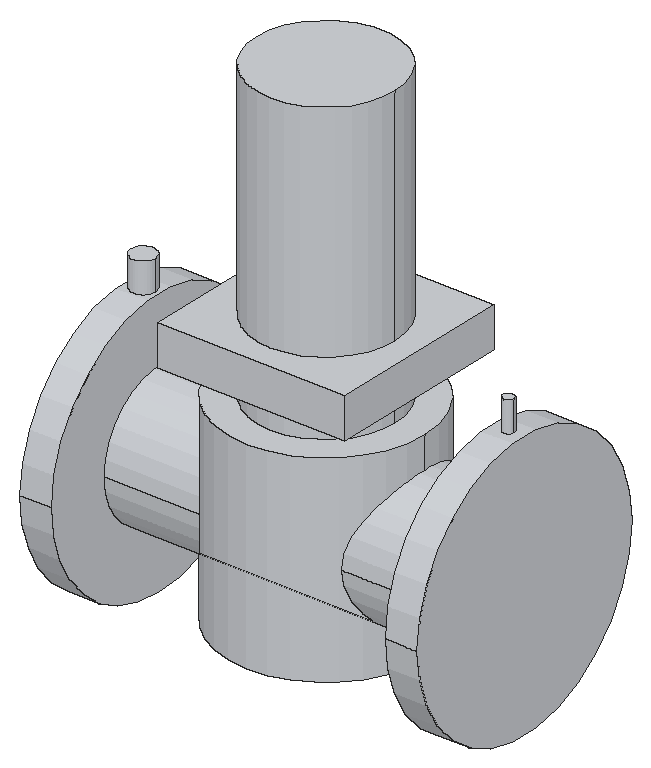
Revit family "PV_Compact_PN25_DN125_(20-100kPa)_RFA_2018", category Pipe Accessories, Revit 2018
Family settings
  Round Connector Dimension = Use Diameter
  Part Type = Valve - Breaks Into
  Work Plane-Based = No
  Always vertical = Yes
  Cut with Voids When Loaded = No
  Shared = No
Parameters (values of type "PV Compact PN25 DN125 (20-100kPa)")
  magiProductId = "79fb1938054147a099bb761cc75d0a"
  magiProductFamilyId = "7c5767a2a396495b8f1e69654734b4"
  magiPartTypeId = 304
  isMeasuringValve [instance] = no
  ang2D [instance] = 0.00°
  W2D = 50 mm
  VersionID = "2.0/2018.12.13.2/FRESE_PV_COMPACT_BIG_Q13_001"
  Use Minimum Symbol Size [instance] = no
  URL = "www.hydronic.cz"
  Type Comments = "PŘÍRUBOVÝ; PN25; dpmax=1000kPa; -10~+120°C"
  R4 = 70 mm
  R3 = 70.2 mm
  R1 = 100 mm
  QmdConnectorList = "301;D;302;D"
  Productdata [instance] = ""
  Manufacturer = "Hydronic Systems Prague s.r.o."
  Maintenance Zone Under Depth [instance] = 100 mm
  Maintenance Zone Right Depth [instance] = 100 mm
  Maintenance Zone Over Depth [instance] = 100 mm
  Maintenance Zone Left Depth [instance] = 100 mm
  Maintenance Zone Front Depth [instance] = 100 mm
  Maintenance Zone Back Depth [instance] = 100 mm
  Maintenance Zone Front Visibility [instance] = no
  MC Use Limits From Balancing Method = no
  MC Throttling Minimum Value = 0
  MC Throttling Maximum Value = 0
  MC Product Code = "53-3332 DN125 PN25; nastavitelný rozsah dp=20~100kPa; Q=19,0~76,0 m3/h;  kvs=170"
  MC Pressure Drop Minimum Value = 0.0 Pa
  MC Pressure Drop Maximum Value = 0.0 Pa
  MC Piping Given Pressure Drop [instance] = 0.0 Pa
  LF__ve = -LF  # -32 mm
  LF2 = 16 mm
  LF = 32 mm
  L4 = 188 mm
  L3 = 336 mm
  L2D_Min = 30.48 mm
  L2D = 230 mm
  L2 = 200 mm
  H6 = 225.5 mm
  H4 = 40.5 mm
  H3 = 33.75 mm
  H2 = 101.25 mm
  H1 = 202.5 mm
  Description = "Nastavitelný regulátor tlakové diference"
  DF2 = 135 mm
  D = 125 mm
  Clearance Zone Height Depth [instance] = 100 mm
  Clearance Zone Circular Radius [instance] = 200 mm
  Clearance Zone Visibility [instance] = no
  CAT0 = yes
Types (7, lengths in mm): name | magiProductId | Type Comments | R4 | R3 | R1 | MC Product Code | LF__ve | LF2 | LF | L4 | L3 | L2 | H6 | H4 | H3 | H2 | H1 | DF2 | D | Clearance Zone Circular Radius
  PV Compact PN25 DN050 (20-100kPa) | "c83fbc6219d94d148ccf13b963e54b" | "PŘÍRUBOVÝ; PN25; dpmax=1000kPa; -10~+120°C" | 40.25 | 42.9 | 57.5 | "53-3320 DN050 PN25; nastavitelný rozsah dp=20~100kPa; Q=3,2~13,0 m3/h;  kvs=29" | -18.4 | 9.2 | 18.4 | 108.1 | 193.2 | 115 | 82.25 | 24.75 | 20.625 | 61.875 | 123.75 | 82.5 | 50 | 115
  PV Compact PN25 DN065 (20-100kPa) | "130d70b5f9404660882d0b277b908a" | "PŘÍRUBOVÝ; PN25; dpmax=1000kPa; -10~+120°C" | 50.75 | 48.1 | 72.5 | "53-3323 DN065 PN25; nastavitelný rozsah dp=20~100kPa; Q=4,7~18,8 m3/h;  kvs=42" | -23.2 | 11.6 | 23.2 | 136.3 | 243.6 | 145 | 105.25 | 27.75 | 23.125 | 69.375 | 138.75 | 92.5 | 65 | 145
  PV Compact PN25 DN080 (20-100kPa) | "a1826ed98cb744f2bf0249353d27a7" | "PŘÍRUBOVÝ; PN25; dpmax=1000kPa; -10~+120°C" | 54.25 | 52 | 77.5 | "53-3326 DN080 PN25; nastavitelný rozsah dp=20~100kPa; Q=7,5~30,0 m3/h;  kvs=67" | -24.8 | 12.4 | 24.8 | 145.7 | 260.4 | 155 | 141 | 30 | 25 | 75 | 150 | 100 | 80 | 155
  PV Compact PN25 DN100 (20-100kPa) | "7cf36ffc9d0642d6874cd3d421d477" | "PŘÍRUBOVÝ; PN25; dpmax=1000kPa; -10~+120°C" | 61.25 | 61.1 | 87.5 | "53-3329 DN100 PN25; nastavitelný rozsah dp=20~100kPa; Q=12,9~51,4 m3/h;  kvs=115" | -28 | 14 | 28 | 164.5 | 294 | 175 | 234.75 | 35.25 | 29.375 | 88.125 | 176.25 | 117.5 | 100 | 175
  PV Compact PN25 DN125 (20-100kPa) | "79fb1938054147a099bb761cc75d0a" | "PŘÍRUBOVÝ; PN25; dpmax=1000kPa; -10~+120°C" | 70 | 70.2 | 100 | "53-3332 DN125 PN25; nastavitelný rozsah dp=20~100kPa; Q=19,0~76,0 m3/h;  kvs=170" | -32 | 16 | 32 | 188 | 336 | 200 | 225.5 | 40.5 | 33.75 | 101.25 | 202.5 | 135 | 125 | 200
  PV Compact PN25 DN150 (20-100kPa) | "9089b5560db447c5b770287446c8b2" | "PŘÍRUBOVÝ; PN25; dpmax=1000kPa; -10~+110°C" | 84 | 74.1 | 120 | "53-3335 DN150 PN25; nastavitelný rozsah dp=20~100kPa; Q=28,0~112 m3/h;  kvs=250" | -38.4 | 19.2 | 38.4 | 225.6 | 403.2 | 240 | 256.25 | 42.75 | 35.625 | 106.875 | 213.75 | 142.5 | 150 | 240
  PV Compact PN25 DN200 (20-100kPa) | "21d4a96559b243fabb2a9fe74f4fa1" | "PŘÍRUBOVÝ; PN25; dpmax=1000kPa; -10~+110°C" | 105 | 98.8 | 150 | "53-3338 DN200 PN25; nastavitelný rozsah dp=20~100kPa; Q=30,7~123 m3/h;  kvs=275" | -48 | 24 | 48 | 282 | 504 | 300 | 150 | 57 | 47.5 | 142.5 | 285 | 190 | 200 | 300
Reference planes
  plane 1 "Center (Front/Back)": y = 0
  plane 2 "XYPLANE": z = 0
  plane 3 "Center (Left/Right)": x = 0
  plane 4 "257": y = -135
  plane 5 "256": y = 135
  plane 6 "255": z = -135
  plane 7 "254": y = -235
  plane 8 "253": y = 235
  plane 9 "252": x = -300
  plane 10 "251": x = 300
  plane 11 "250": z = 501
  plane 12 "249": z = -235
  plane 13 "248": z = 501
  plane 14 "247": z = 401
  plane 15 "157": x = 184
  plane 16 "156": x = -184
  plane 17 "155": z = 135
  plane 18 "154": z = 175.5
  plane 19 "153": z = 135
  plane 20 "152": z = 101.25
  plane 21 "151": x = -168
  plane 22 "150": z = -101.25
  plane 23 "149": x = 0
  plane 24 "148": y = 0
  plane 25 "147": z = 0
  plane 26 "146": x = -200
  plane 27 "145": x = 200
Forms (mm)
  Blend 1, solid, visible <- "Maintenance Zone Front Visibility"
    base sketch origin (-750, 0, -235) x (1, 0, 0) y (0, 1, 0)
      loop
        line (450, 235) -> (450, -235) -> (1050, -235) -> (1050, 235) -> (450, 235)
    top sketch origin (-750, 0, -235) x (1, 0, 0) y (0, 1, 0)
      loop
        line (450, 235) -> (450, -235) -> (1050, -235) -> (1050, 235) -> (450, 235)
    from 0 to 736
  Blend 2, solid, visible <- "Clearance Zone Visibility"
    base sketch origin (-750, 0, 0) x (1, 0, 0) y (0, 1, 0)
      loop
        circle (750, 0) r 200
    top sketch origin (-750, 0, 0) x (1, 0, 0) y (0, 1, 0)
      loop
        circle (750, 0) r 200
    from 0 to 501
  Extrusion 3, solid, visible <- "CAT0"
    sketch origin (-750, 0, 135) x (1, 0, 0) y (0, 1, 0)
      loop
        circle (934, 0) r 5.5
    from 0 to 30
  Extrusion 4, solid, visible <- "CAT0"
    sketch origin (-750, 0, 135) x (1, 0, 0) y (0, 1, 0)
      loop
        circle (566, 0) r 12.3
    from 0 to 30
  Extrusion 5, solid
    sketch origin (-750, 0, 175.5) x (1, 0, 0) y (0, 1, 0)
      loop
        circle (750, 0) r 70
    from 0 to 225.5 <- "H6"
  Extrusion 6, solid, visible <- "CAT0"
    sketch origin (-750, 0, 135) x (1, 0, 0) y (0, 1, 0)
      loop
        line (844, 94) -> (656, 94) -> (656, -94) -> (844, -94) -> (844, 94)
    from 0 to 40.5 <- "H4"
  Extrusion 7, solid, visible <- "CAT0"
    sketch origin (-750, 0, 101.25) x (1, 0, 0) y (0, 1, 0)
      loop
        circle (750, 0) r 70
    from 0 to 33.75 <- "H3"
  Extrusion 8, solid, visible <- "CAT0"
    sketch origin (-168, -750, 0) x (0, 1, 0) y (0, 0, 1)
      loop
        circle (750, 0) r 70.2
    from 0 to 336 <- "L3"
  Extrusion 9, solid, visible <- "CAT0"
    sketch origin (-750, 0, -101.25) x (1, 0, 0) y (0, 1, 0)
      loop
        circle (750, 0) r 100
    from 0 to 202.5 <- "H1"
  Extrusion 10, solid, visible <- "CAT0"
    sketch origin (-200, -750, 0) x (0, 1, 0) y (0, 0, 1)
      loop
        circle (750, 0) r 135
    from 0 to 32 <- "LF"
  Extrusion 11, solid, visible <- "CAT0"
    sketch origin (200, -750, 0) x (0, 1, 0) y (0, 0, 1)
      loop
        circle (750, 0) r 135
    from 0 to -32 <- "LF__ve"
  Extrusion 12, solid, not visible
    sketch origin (-200, -750, 0) x (0, 1, 0) y (0, 0, 1)
      loop
        circle (750, 0) r 10
    from 0 to 10
  Extrusion 13, solid, not visible
    sketch origin (200, -750, 0) x (0, 1, 0) y (0, 0, 1)
      loop
        circle (750, 0) r 10
    from 0 to -10
Lines and regions (mm)
  reference lines, not visible
    curve 1: circle (2, 2, 0) r 1 normal (0, 0, 1)
  reference lines
    curve 2: circle (0, 0, 135) r 1 normal (0, 0, 1)
Dimensions and locks
  plane 1 "Center (Front/Back)" to curve 1 = 2 mm
  "DF2": plane 24 "148" to plane 4 "257"
  "DF2": plane 24 "148" to plane 5 "256"
  "DF2": plane 25 "147" to plane 6 "255"
  "Maintenance Zone Front Depth": plane 4 "257" to plane 7 "254"
  "Maintenance Zone Back Depth": plane 5 "256" to plane 8 "253"
  "Maintenance Zone Left Depth": plane 26 "146" to plane 9 "252"
  "Maintenance Zone Right Depth": plane 27 "145" to plane 10 "251"
  "Maintenance Zone Over Depth": plane 14 "247" to plane 11 "250"
  "Maintenance Zone Under Depth": plane 6 "255" to plane 12 "249"
  "Clearance Zone Height Depth": plane 14 "247" to plane 13 "248"
  "H6": plane 18 "154" to plane 14 "247"
  "LF2": plane 27 "145" to plane 15 "157"
  "LF2": plane 26 "146" to plane 16 "156"
  "DF2": plane 2 "XYPLANE" to plane 17 "155"
  "H4": plane 19 "153" to plane 18 "154"
  "H3": plane 20 "152" to plane 19 "153"
  "H1": plane 22 "150" to plane 20 "152"
  "LF": plane 26 "146" to plane 21 "151"
  "H2": plane 2 "XYPLANE" to plane 22 "150"
  locked: plane 3 "Center (Left/Right)" to plane 23 "149"
  locked: plane 1 "Center (Front/Back)" to plane 24 "148"
  locked: plane 2 "XYPLANE" to plane 25 "147"
  "L2": plane 3 "Center (Left/Right)" to plane 26 "146"
  "L2": plane 3 "Center (Left/Right)" to plane 27 "145"
  Blend 1 sketch curve to Blend 1 sketch curve = 0 mm  (x16)
  equal spacing: Extrusion 6 sketch curve, curve 2, Extrusion 6 sketch curve  (x2)
  "L4": Extrusion 6 sketch curve to Extrusion 6 sketch curve  (x2)
  Extrusion 6 sketch curve to Extrusion 6 sketch curve = 0 mm  (x8)
  "Clearance Zone Circular Radius": radius of Blend 2 sketch curve  (x2)
  "R4": radius of Extrusion 5 sketch curve
  "R4": radius of Extrusion 7 sketch curve
  "R3": radius of Extrusion 8 sketch curve
  "R1": radius of Extrusion 9 sketch curve
  "DF2": radius of Extrusion 10 sketch curve
  "DF2": radius of Extrusion 11 sketch curve
  aligned and locked: level to plane 2 "XYPLANE"
  aligned and locked: Blend 1 sketch curve to plane 8 "253"  (x2)
  aligned and locked: plane 9 "252" to Blend 1 sketch curve  (x4)
  aligned and locked: plane 10 "251" to Blend 1 sketch curve  (x4)
  aligned and locked: plane 8 "253" to Blend 1 sketch curve  (x2)
  aligned and locked: plane 7 "254" to Blend 1 sketch curve  (x4)
  aligned and locked: plane 11 "250" to Blend 1
  aligned and locked: plane 23 "149" to Blend 2 sketch curve  (x2)
  aligned and locked: plane 24 "148" to Blend 2 sketch curve  (x2)
  aligned and locked: plane 13 "248" to Blend 2
  aligned and locked: plane 15 "157" to Extrusion 3 sketch curve
  aligned and locked: plane 24 "148" to Extrusion 3 sketch curve
  aligned and locked: plane 16 "156" to Extrusion 4 sketch curve
  aligned and locked: plane 24 "148" to Extrusion 4 sketch curve
  aligned and locked: plane 23 "149" to Extrusion 5 sketch curve
  aligned and locked: plane 24 "148" to Extrusion 5 sketch curve
  aligned and locked: plane 23 "149" to curve 2
  aligned and locked: plane 24 "148" to curve 2
  aligned and locked: plane 23 "149" to Extrusion 7 sketch curve
  aligned and locked: plane 24 "148" to Extrusion 7 sketch curve
  aligned and locked: Extrusion 8 sketch curve to plane 24 "148"
  aligned and locked: plane 25 "147" to Extrusion 8 sketch curve
  aligned and locked: plane 23 "149" to Extrusion 9 sketch curve
  aligned and locked: plane 24 "148" to Extrusion 9 sketch curve
  aligned and locked: Extrusion 10 sketch curve to plane 24 "148"
  aligned and locked: plane 25 "147" to Extrusion 10 sketch curve
  aligned and locked: Extrusion 11 sketch curve to plane 24 "148"
  aligned and locked: plane 25 "147" to Extrusion 11 sketch curve
  aligned and locked: Extrusion 12 sketch curve to plane 24 "148"
  aligned and locked: plane 25 "147" to Extrusion 12 sketch curve
  aligned and locked: Extrusion 13 sketch curve to plane 24 "148"
  aligned and locked: plane 25 "147" to Extrusion 13 sketch curve
Automatic sketch dimensions
  Extrusion 3 sketch curve to plane 15 "157" = 5.5 mm
  plane 26 "146" to Extrusion 4 sketch curve = 3.7 mm
  plane 1 "Center (Front/Back)" to Extrusion 12 sketch curve = 10 mm
  plane 1 "Center (Front/Back)" to Extrusion 13 sketch curve = 10 mm
  plane 3 "Center (Left/Right)" to curve 1 = 2 mm
  plane 21 "151" to Extrusion 6 sketch curve = 74 mm
  plane 4 "257" to Extrusion 6 sketch curve = 41 mm
  radius of curve 2 = 1 mm
  radius of curve 1 = 1 mm
Connectors
  piping at (-200, 0, 0), diameter 125, driven by "D"
    settings: on Extrusion 12, index 1, connector inside diameter 609.6 mm, connector length 0 mm, flow factor 0, pipe flow 0.0 L/s, pressure drop 0.0 Pa, fitting loss kfactor 0, connector angle 0.00°, fixture units 0, engagement length 0 mm, angle of deflection 0.00°, flow configuration 0, flow direction 0, fitting loss method 0, system type 29, joint type 0, gender type 0, connector reference index 2, connector utility 0, adjustable connector no, is connector primary yes, connector description ""
  piping at (200, 0, 0), diameter 125, driven by "D"
    settings: on Extrusion 13, index 2, connector inside diameter 609.6 mm, connector length 0 mm, flow factor 0, pipe flow 0.0 L/s, pressure drop 0.0 Pa, fitting loss kfactor 0, connector angle 0.00°, fixture units 0, engagement length 0 mm, angle of deflection 0.00°, flow configuration 0, flow direction 0, fitting loss method 0, system type 29, joint type 0, gender type 0, connector reference index 1, connector utility 0, adjustable connector no, is connector primary no, connector description ""
